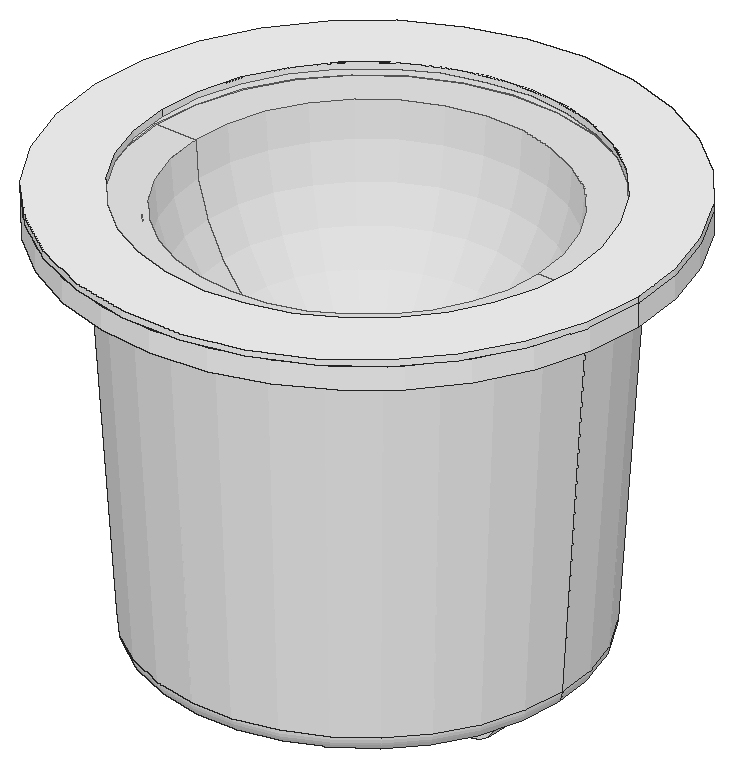
Revit family "2058872 Feilo Sylvania Lighting Fixture MYRD IP FL 3K PHDM WHT WBEZ", category Lighting Fixtures, host Face, Revit 2017
Family settings
  Host = Face
  Round Connector Dimension = Use Diameter
  Part Type = Normal
  OmniClass Number = 23.80.70.11.17
  OmniClass Title = Specialized Lighting by Location or Use
  Cut with Voids When Loaded = No
  Light Source = Yes
  Shared = No
  Room Calculation Point = No
Parameters
  Weight = "0.44 kg"
  Wattage = 10 W
  WarrantyStartDate [instance] = "n/a"
  WarrantyGuarantorParts = "n/a"
  WarrantyDurationUnit = "n/a"
  WarrantyDurationParts = "n/a"
  WarrantyDescription = "n/a"
  built-in parameter 1150110 = 1 (stored number, unit not read)
  Voltage = 230 V
  URL = "http://www.sylvania-lighting.com"
  TypeName = "MYRD IP FL 3K PHDM WHT WBEZ"
  Type Image = 0
  Type Comments = ""
  built-in parameter 1114217 = 1 (stored number, unit not read)
  Tilt Angle = -90°
  built-in parameter 1150109 = 1 (stored number, unit not read)
  built-in parameter 1150134 = (empty or 0)
  built-in parameter 1150113 = 1 (stored number, unit not read)
  SerialNumber [instance] = "n/a"
  Reflector Radius = Cutout Diameter / 2 - 2.5 mm  # 35.0 mm
  Reflector Material = Aluminum_Sylvania_Myriad_Bright
  Recessed Depth = Height  # 72.0 mm
  PowerFactor = 0
  PowerConsumption = "10 W"
  Photometric Web File = ""
  NominalWidth = 0.0 mm
  NominalLength = 76.0 mm
  NominalHeight = 72.0 mm
  Name = "MYRD IP FL 3K PHDM WHT WBEZ"
  ModelReference = "MYRD IP FL 3K PHDM WHT WBEZ"
  ModelNumber = "2058872"
  Material = "Aluminium"
  ManufacturerName = "Feilo Sylvania"
  LuminousEfficacy = "99 lm/W"
  LuminaireType = "Ceiling recessed"
  LightOutputRatio = "1"
  LampsType = Lamp  # "LED"
  LampNominalLuminous = "988 lm"
  LampMacAdamStep = "n/a"
  LampColourTemperature = "3000 K"
  LampColourRenderingIndex = "n/a"
  Keynote = "16500"
  Keynote_2 = "16500"
  InstallationDate [instance] = "n/a"
  InputVoltage = "230-240V~"
  InputNominalFrequency = "50/60 Hz"
  IngressProtection = "IP65"
  ImpactProtectionIndex = "IK02"
  IfcExportType = "IfcLightFixtureType"
  IfcExportAs = "IfcLightFixtureType"
  Height = 72.0 mm  # constant formula
  ExpectedLife = 50000
  Emit from Circle Diameter = Accessory Inner Diameter 2  # 68.0 mm
  Emit Shape Visible in Rendering = no
  ElectricShockClassification = "Class II"
  DurationUnit = "hours"
  DocumentationLiterature = "http://www.sylvania-lighting.com/product/en-int/products/2058872"
  DimmingControlOptions = "Dimmable"
  Diffuser Material = Glass_Sylvania_Myriad_Clear_4000K
  Diffuser Diameter = Cutout Diameter  # 75.0 mm
  Cutout Diameter = 75.0 mm  # constant formula
  CreatedOn = "03-11-2017"
  CreatedBy = ""
  Cost = 0
  built-in parameter 1114216 [instance] = 1 (stored number, unit not read)
  built-in parameter 1150142 = (empty or 0)
  Model = "MYRD IP FL 3K PHDM WHT WBEZ"
  Manufacturer = "Feilo Sylvania"  # constant formula
  built-in parameter 1150105 = 78.782 (stored number, unit not read)
  Lumens = 990 lm
  built-in parameter 1150115 = 1 (stored number, unit not read)
  built-in parameter 1150137 = (empty or 0)
  built-in parameter 1150139 = (empty or 0)
  built-in parameter 1150112 = 1 (stored number, unit not read)
  built-in parameter 1150114 = 1 (stored number, unit not read)
  Lamp = "LED"
  built-in parameter 1150132 = (empty or 0)
  built-in parameter 1150102 = (empty or 0)
  built-in parameter 1150107 = 3000 (stored number, unit not read)
  built-in parameter 1150138 = (empty or 0)
  built-in parameter 1150106 = 0.78782 (stored number, unit not read)
  built-in parameter 1150104 = 9.1974 (stored number, unit not read)
  Dimming Lamp Color Temperature Shift = (empty or 0)
  Description = "Supplied complete with electronic control gear Compact Fluorescent low energy downlight Emergency version passes through the cut out Ideal for low level orientation lighting New range of Architectural accessories each providing a different lit dimension New completely flush plaster up accessory ring for clean ceiling lines and smooth finish Order lamp separately"  # constant formula
  Default Elevation = 0.0 mm
  Color Filter = 16777215
  built-in parameter 1140040 [instance] = 1
  Body Radius = Reflector Radius + 1.5 mm  # 36.5 mm
  Body Material = Aluminum_Sylvania_Myriad_Gray
  BarCode [instance] = "n/a"
  built-in parameter 1114218 = 1 (stored number, unit not read)
  built-in parameter 1150133 = 10 (stored number, unit not read)
  AssetType = "Fixed"
  AssetIdentifier [instance] = "n/a"
  Assembly Code = "D5020200"
  Apparent Load = 10 VA
  Accessory Material = Aluminum_Sylvania_Myriad_White
  Accessory Inner Diameter 2 = Accessory Diameter - 22.0 mm  # 68.0 mm
  Accessory Inner Diameter 1 = Accessory Diameter - 2.0 mm  # 88.0 mm
  Accessory Diameter = Cutout Diameter + 15.0 mm  # 90.0 mm
Reference planes
  plane 1 "Center (Front/Back)": y = 0
  plane 2: z = 0
  plane 3 "Center (Left/Right)": x = 0
  plane 4: z = 2
  plane 5 "Fixture Bottom": z = 4.5
  plane 6: z = -28.5
  plane 7: z = -61.5
  plane 8 "Fixture Top": z = -67.5
  plane 9: z = 3.5
Forms (mm)
  Revolve 1, solid, material "Aluminum_Sylvania_Myriad_Bright" <- "Reflector Material", detail levels fine
    sketch origin (0, 0, 0) x (1, 0, 0) y (0, 0, 1)
      loop
        line (0, -27.515) -> (-6, -27.515)
        arc (-6, -27.515) -> (-22.333, -16.632) -> (-28.5, 2) r 30.135
        line (-28.5, 2) -> (-35, 2) -> (-35, 0) -> (-29.184, 0)
        arc (-29.184, 0) -> (-22.423, -18.18) -> (-6, -28.5) r 30.204
        line (-6, -28.5) -> (0, -28.5) -> (0, -27.515)
      axis (0, -28.5) -> (0, 2)
    angle from 0 to 360
  Revolve 2, solid, material "Aluminum_Sylvania_Myriad_Gray" <- "Body Material", detail levels fine
    sketch origin (0, 0, 0) x (1, 0, 0) y (0, 0, 1)
      loop
        line (-44, 2) -> (-44, 0) -> (-36.5, 0) -> (-32.42, -58.708)
        arc (-32.42, -58.708) -> (-31.474, -60.694) -> (-29.428, -61.5) r 3
        line (-29.428, -61.5) -> (0, -61.5) -> (0, -28.5) -> (-6, -28.5)
        arc (-6, -28.5) -> (-22.423, -18.18) -> (-29.184, 0) r 30.204
        line (-29.184, 0) -> (-35, 0) -> (-35, 2) -> (-44, 2)
      axis (0, 2) -> (0, -61.5)
    angle from 0 to 360
  Extrusion 3, solid, material "Aluminum_Sylvania_Myriad_Gray" <- "Body Material", detail levels fine
    sketch origin (0, 0, 0) x (1, 0, 0) y (0, 0, 1)
      loop
        line (-13.5, -67.5) -> (21, -67.5)
        arc (21, -67.5) -> (23.828, -66.328) -> (25, -63.5) r 4
        line (25, -63.5) -> (25, -61.5) -> (-17.5, -61.5) -> (-17.5, -63.5)
        arc (-17.5, -63.5) -> (-16.328, -66.328) -> (-13.5, -67.5) r 4
    from -4.5 to 4.5
  Extrusion 4, solid, material "Aluminum_Sylvania_Myriad_White" <- "Accessory Material", detail levels fine
    sketch origin (0, 0, 0) x (1, 0, 0) y (0, 1, 0)
      loop
        circle (0, 0) r 45
      loop
        circle (0, 0) r 44
    from 0 to 3.5
  Extrusion 5, solid, material "Aluminum_Sylvania_Myriad_White" <- "Accessory Material", detail levels fine
    sketch origin (0, 0, 0) x (1, 0, 0) y (0, 1, 0)
      loop
        circle (0, 0) r 45
      loop
        circle (0, 0) r 34
    from 3.5 to 4.5
  Extrusion 6, solid, material "Aluminum_Sylvania_Myriad_White" <- "Accessory Material", detail levels coarse+medium
    sketch origin (0, 0, 0) x (1, 0, 0) y (0, 1, 0)
      loop
        circle (0, 0) r 45
    from 0 to 4.5
  Revolve 7, solid, detail levels coarse+medium
    sketch origin (0, 0, 0) x (1, 0, 0) y (0, 0, 1)
      loop
        line (36.5, 0) -> (0, 0) -> (0, -61.5) -> (32.226, -61.5) -> (36.5, 0)
      axis (0, 0) -> (0, -61.5)
    angle from 0 to 360
  Extrusion 8, void
    sketch origin (0, 0, 0) x (1, 0, 0) y (0, 1, 0)
      loop
        circle (0, 0) r 37.5
    from -67.5 to 0
  Extrusion 9, solid, material "Glass_Sylvania_Myriad_Clear_4000K" <- "Diffuser Material", detail levels fine
    sketch origin (0, 0, 0) x (1, 0, 0) y (0, 1, 0)
      loop
        circle (0, 0) r 37.5
    from 2 to 3.5
Cuts and joins
  joined: Extrusion 4, Extrusion 5
Lines and regions (mm)
  Masking region 1
    outline origin (0, 0, 0) x (1, 0, 0) y (0, 1, 0)
      loop
        circle (0, 0) r 45
  symbolic lines
    curve 1: arc (-34, 0, 0) -> (0, 34, 0) -> (34, 0, 0) r 34
    curve 2: arc (34, 0, 0) -> (0, -34, 0) -> (-34, 0, 0) r 34
Dimensions and locks
  locked: plane 7 to plane 8 "Fixture Top" at 6
  "Body Radius": Revolve 7 sketch curve to plane 3 "Center (Left/Right)"
  locked: Revolve 7 sketch curve to Revolve 7 sketch curve at 4.274
  plane 5 "Fixture Bottom" to plane 9 to plane 4 to plane 2 to plane 6 = 1.0 mm locked, 1.5 mm locked, 2.0 mm locked, 28.5 mm locked
  "Reflector Radius": Revolve 1 sketch curve to plane 3 "Center (Left/Right)"
  Revolve 1 sketch curve to Revolve 1 sketch curve to Revolve 1 sketch curve to Revolve 1 sketch curve = 6.5 mm locked, 22.5 mm locked, 0.0 mm locked
  "Reflector Radius": plane 3 "Center (Left/Right)" to Revolve 2 sketch curve
  Revolve 2 sketch curve to Revolve 2 sketch curve to Revolve 2 sketch curve = 7.5 mm locked, 1.5 mm locked
  Revolve 2 sketch curve to Revolve 2 sketch curve to Revolve 2 sketch curve = 5.816 mm locked, 23.184 mm locked
  Revolve 2 sketch curve to Revolve 2 sketch curve to Revolve 2 sketch curve = 2.58 mm locked, 2.993 mm locked
  "Accessory Diameter": diameter of Extrusion 4 sketch curve
  "Accessory Inner Diameter 1": diameter of Extrusion 4 sketch curve
  "Accessory Diameter": diameter of Extrusion 5 sketch curve
  "Accessory Diameter": diameter of Extrusion 6 sketch curve
  "Cutout Diameter": diameter of Extrusion 8 sketch curve
  "Accessory Inner Diameter 2": diameter of Extrusion 5 sketch curve
  "Diffuser Diameter": diameter of Extrusion 9 sketch curve
  aligned and locked: plane 2 to host face
  aligned and locked: level to host face
  aligned and locked: plane 1 "Center (Front/Back)" to imposter light
  aligned and locked: plane 3 "Center (Left/Right)" to imposter light
  aligned and locked: Revolve 1 sketch curve to imposter light
  aligned and locked: Extrusion 3 sketch curve to plane 8 "Fixture Top"
  aligned and locked: plane 7 to Extrusion 3 sketch curve
  aligned and locked: Extrusion 4 to plane 2
  aligned and locked: plane 9 to Extrusion 4
  aligned and locked: Extrusion 5 to plane 9
  aligned and locked: plane 5 "Fixture Bottom" to Extrusion 5
  aligned and locked: Extrusion 6 to plane 2
  aligned and locked: plane 5 "Fixture Bottom" to Extrusion 6
  aligned and locked: Extrusion 8 to plane 8 "Fixture Top"
  aligned and locked: plane 2 to Extrusion 8
  aligned and locked: Masking region 1 sketch curve to Extrusion 6  (x2)
  aligned and locked: Extrusion 9 to plane 4
  aligned and locked: plane 9 to Extrusion 9
  aligned and locked: plane 4 to Revolve 2 sketch curve
  aligned and locked: Revolve 2 sketch curve to plane 2
  aligned and locked: curve 1 to cut or joined group of Extrusion 4, Extrusion 5
  aligned and locked: curve 2 to cut or joined group of Extrusion 4, Extrusion 5
  aligned and locked: imposter light to plane 5 "Fixture Bottom"
Automatic sketch dimensions
  host sketch curve to host sketch curve = 1305.563 mm
  host sketch curve to host sketch curve = 1283.632 mm
  Extrusion 3 sketch curve to plane 7 = 2.0 mm
  Extrusion 3 sketch curve to plane 3 "Center (Left/Right)" = 13.5 mm
  plane 3 "Center (Left/Right)" to Extrusion 3 sketch curve = 21.0 mm
  Extrusion 3 sketch curve to Extrusion 3 sketch curve = 4.0 mm
  Revolve 1 sketch curve to level = 0.0 mm
  Revolve 1 sketch curve to plane 3 "Center (Left/Right)" = 0.0 mm
  Revolve 1 sketch curve to plane 6 = 0.0 mm
  Revolve 1 sketch curve to plane 4 = 0.0 mm
  Revolve 1 sketch curve to Revolve 1 sketch curve = 0.684 mm
  level to Revolve 1 sketch curve = 0.88 mm
  Revolve 1 sketch curve to plane 4 = 0.363 mm
  Revolve 1 sketch curve to Revolve 1 sketch curve = 0.625 mm
  Revolve 1 sketch curve to plane 8 "Fixture Top" = 232.8 mm
  plane 5 "Fixture Bottom" to Revolve 1 sketch curve = 291.243 mm
  Revolve 2 sketch curve to plane 3 "Center (Left/Right)" = 0.0 mm  (x2)
  Revolve 2 sketch curve to plane 7 = 0.0 mm
  Revolve 2 sketch curve to plane 6 = 0.0 mm
  Revolve 2 sketch curve to level = 0.0 mm
  level to Revolve 2 sketch curve = 0.88 mm
  plane 7 to Revolve 2 sketch curve = 2.792 mm
  Revolve 2 sketch curve to plane 8 "Fixture Top" = 304.774 mm
  plane 5 "Fixture Bottom" to Revolve 2 sketch curve = 1137.105 mm
  Extrusion 4 sketch curve to Extrusion 4 sketch curve = 0.0 mm  (x2)
  plane 1 "Center (Front/Back)" to Extrusion 4 sketch curve = 0.0 mm
  Extrusion 4 sketch curve to plane 3 "Center (Left/Right)" = 0.0 mm
  Extrusion 5 sketch curve to Extrusion 5 sketch curve = 0.0 mm  (x2)
  plane 1 "Center (Front/Back)" to Extrusion 5 sketch curve = 0.0 mm
  Extrusion 5 sketch curve to plane 3 "Center (Left/Right)" = 0.0 mm
  plane 1 "Center (Front/Back)" to Extrusion 6 sketch curve = 0.0 mm
  Extrusion 6 sketch curve to plane 3 "Center (Left/Right)" = 0.0 mm
  Revolve 7 sketch curve to level = 0.0 mm
  Revolve 7 sketch curve to plane 3 "Center (Left/Right)" = 0.0 mm  (x2)
  Revolve 7 sketch curve to plane 7 = 0.0 mm
  Revolve 7 sketch curve to plane 8 "Fixture Top" = 304.774 mm
  plane 5 "Fixture Bottom" to Revolve 7 sketch curve = 43.226 mm
  plane 1 "Center (Front/Back)" to Extrusion 8 sketch curve = 0.0 mm
  Extrusion 8 sketch curve to plane 3 "Center (Left/Right)" = 0.0 mm
  plane 1 "Center (Front/Back)" to Extrusion 9 sketch curve = 0.0 mm
  Extrusion 9 sketch curve to plane 3 "Center (Left/Right)" = 0.0 mm
Connectors
  electrical at (-0.006, -0.019, -67.5), driven by "Apparent Load", driven by "Apparent Load"
    settings: on plane 8 "Fixture Top", index 1, voltage 230 V, apparent load 10 VA, apparent load phase1 10 VA, apparent load phase2 0 VA, apparent load phase3 0 VA, power factor 1, load classification "Lighting", number of poles 1, system type 30, power factor state 1, is connector primary yes, connector utility no, sub classification motor no, connector description ""
